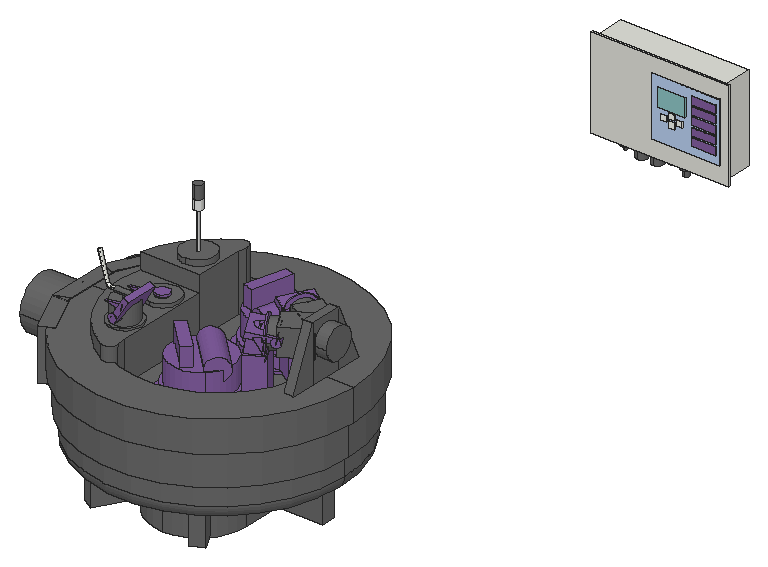
Revit family "28718_8_0", category Generic Models, Revit 2021
Family settings
  Can host rebar = No
  Round Connector Dimension = Use Diameter
  Part Type = Normal
  Work Plane-Based = No
  Always vertical = Yes
  Cut with Voids When Loaded = No
  Shared = Yes
  Room Calculation Point = No
Parameters (values of type "28718")
  SUPPLIER = "KESSEL"
  SA700ID48 = "No"
  SA700ID46 = "Yes"
  SA700ID37 = 10000 mm
  SA700ID34 = 11.5
  SA700ID33 = 1.2 W
  SA700ID32 = 34.00 kg
  SA700ID31 = 1
  SA700ID30 = 2
  SA700ID29 = "RWDR"
  SA700ID28 = "durchgehend"
  SA700ID21 = 1000
  SA700ID07 = "100"
  SA460ID03 = "direct"
  SA400ID03 = "e-motor for alternating current"
  SA350ID03 = "normal-priming"
  SA300ID03 = "single-level"
  SA260ID03 = "dry-rotor pump"
  SA250ID03 = "vertical"
  SA200ID03 = "6"
  PROCUREWEBLINK = "https://p.caden.as/kessel/28718"
  PROCURELINK = "p.caden.as/kessel/28718"
  PROCUREDATALASTUPDATE = "2024-05-22T12:18:03.371305634+01:00"
  PRC_SPECIFICATIONLINK = "https://ausschreiben.de/catalog/kessel/catalogItem/037ee36d-776c-4d81-a107-5927d4d05388"
  NN = "Lifting station Aqualift F Compact"
  NBSYN = "$SA810ID03._$IDNR._$L."
  NB = "28718_8_0"
  Model = "28718"
  Manufacturer = "KESSEL"
  MIdent = "{$CADENAS_DATA/23d-libs/kessel/new/hebeanlagen/aqualift_f_compact/aqualift_f__compact_asmtab.prj},198 {VTYP=3D},{STYP=ASSTAB},{NB=28718_8_0},{LINA=28718},{NN=Lifting station Aqualift F Compact},{DATE=21.12.2022 12:37:25},{GEOMDATE=21.11.2022 10:35:20},{VERSION=},{LINEID=90},{WBVAR=L},{WBNUMERIC=L}  {NB=28718_8_0},{LINA=28718},{KT=DUMMY},{PREVIEW=},{SA700ID04=Hebeanlage Aqualift F Compact, Duo, SPZ 1000, freie Aufstellung },{SA810ID06=4026092093412},{LMIN=0.000},{LMAX=0.000},{L=0.000},{SA700ID34=11.50},{SA810ID03=28718},{SA810ID10=Die Hebeanlage für fäkalienhaltiges und fäkalienfreies Abwasser ist mit einer überflutbaren Pumpe sowie einem Rückflussverhinderer ausgestattet. Der Sammelbehälter aus dauerhaft beständigem Kunststoff (PE) besitzt einen abgeschlossenen Pumpenraum. Einhandverschlüsse ermöglichen die einfache Entnahme der integrierten Komponenten.Die Steuerung erfolgt durch ein anwenderfreundliches Schaltgerät, das optional über einen potentialfreien Kontakt in die Gebäudeleittechnik eingebunden werden oder Alarm- und Sammelstörmeldungen über eine GSM-Schnittstelle ausgeben kann.Ausführung:Absperreinrichtung: ohne SchieberAnlagenart: DoppelanlagePumpensteuerung: SchaltgerätRückflussverhinderer: integriertSchalldämmmatte: jaAuslieferungszustand: vormontiert zur bauseitigen Endmontage (Pumpen und Sensorik sind bauseits zu montieren sowie Schaltgerät ist anzuschließen)Einbausituation: freie AufstellungAbwasserart: fäkalienhaltigAllgemeine Merkmale:Farbe: schwarzZulassung: Z-53.2-484Abmessungen:Länge: 670 mmBreite: 580 mmHöhe: 395 mmBehälter/Grundkörper:Zulauf Anzahl: 1 STZulauf Nennweite (DN): 100 mmZulauf Nennweite (DA): 110 mmAbstand Rohrsohle Zulauf zu Behälterboden: 152 mmAbstand Rohrmitte Auslauf zu Behälterboden: 395 mmAbstand Rohrmitte Zulauf zu Behälterboden: 207 mmBehältervolumen: 40 lDruckabgang: waagerechtDruckabgang (DA): 40 mmDruckabgang (DN): 32 mmEntlüftungsanschluss (DN): 70 mmNutzvolumen: 20 lAbdeckungsmerkmale:Abdeckungsart: -Fördereinrichtung:Pumpe: SPZ 1000Anzahl Pumpen: 2Förderhöhe max.: 10 mFörderleistung max.: 11,5 m3/hBetriebsart: S3 - 50 %Leistung P1: 1,2 kWLeistung P2: 0,69 kWDrehzahl: 2.800 U/minFörderguttemperatur (dauerhaft) max.: 40 °CAnschlusstyp: codierter SteckerGewicht: 10 kgLaufrad Typ: SchneidwerkLänge Netzanschlussleitung Pumpe: 5 mNennstrom: 5,2 ASchutzart Pumpe: IP 68 (3m/48h)Schutzklasse: ITyp Anschlussleitung Pumpe: H07RN-F 3G 1,0 mm2Temperaturüberwachung: integriertSteuerung:Schaltgerät: ComfortBetriebsspannung: 230 VNetzfrequenz: 50 HzSelbstdiagnosesystem (SDS): jaBatteriepufferung: jaMehrzeilige Displayanzeige: jaLogbuchfunktion: jaUSB-Schnittstelle: jaGSM-Schnittstelle: jaPotentialfreier Kontakt: optionalErforderliche Absicherung (Leitungsschutz): C 16 ASchutzart Schaltgerät: IP 54Länge Netzanschlussleitung Schaltgerät: 1,4 mArt Niveauerfassung: pneumatischInstrument Niveauerfassung: TauchrohrAlarmgeber: optische Sonde},{SA700ID37=10.00},{SA700ID33=1.20},{SA700ID08=230},{SA700ID30=2},{SA700ID32=34.00},{SA700ID49=1},{SA200ID03=6},{SA250ID03=vertikal},{SA260ID03=Trockenläuferpumpe},{SA350ID03=normalansaugend},{SA400ID03=E-Motor für Wechselstrom},{SA460ID03=direkt},{SA500ID03=Kunststoff},{SA700ID06=DN32, DA40},{SA700ID07=100},{SA700ID09=1/N/PE 230V },{SA700ID10=nein},{SA700ID11=50},{SA700ID12=IP 68},{SA700ID13=F},{SA700ID15=40},{SA700ID21=1000.00},{SA700ID22=0.69},{SA700ID23=2800},{SA700ID26=5},{SA700ID28=durchgehend},{SA700ID29=RWDR},{SA700ID31=1},{SA700ID46=Ja},{SA700ID48=Nein},{SA010ID04=KESSEL AG},{SA110ID04=Hebeanlage Aqualift F Compact},{SA300ID03=einstufig},{SA700ID44=10.00},{SA700ID45=10.00},{IDNR=8},{TOC=Type_3},{ORDERNO=ORDERNO},{CODE=1.000},{PPATH=aqualift_f_compact_asmtpl.prj},{LINK=https://www.kessel.de/info?han=28718},{LINK_=https://www.kessel.de/info?han=28718},{LINK_DEU=https://www.kessel.de/info?han=28718},{SA960ID03=7},{SA960ID04=3L},{SA960ID08=https://www.kessel.de/info?han=28718},{SA010ID01=010},{SA010ID02=4},{SA010ID06=www.kessel.de},{SA010ID08=4026092000007},{SA100ID01=100},{SA100ID02=4},{SA100ID04=Entwässerung},{SA100ID06=Hebeanlagen},{SA110ID01=110},{SA110ID02=200},{SA110ID05=Aqualift F Compact},{SA110ID06=Hebeanlage},{SA740ID01=740},{SA740ID02=1},{SA200ID01=200},{SA200ID02=6},{SA250ID01=250},{SA250ID02=2},{SA260ID01=260},{SA260ID02=2},{SA300ID01=300},{SA300ID02=1},{SA350ID01=350},{SA350ID02=1},{SA400ID01=400},{SA400ID02=1},{SA460ID01=460},{SA460ID02=1},{SA500ID01=500},{SA500ID02=3},{SA700ID01=700},{SA700ID02=7},{SA700ID16=0},{SA700ID25=0},{SA700ID46_=1},{SA700ID48_=0},{SA800ID01=800},{SA800ID02=1},{SA810ID01=810},{SA810ID02=7},{SA810ID04=28718},{SA810ID07=7},{SA810ID14=PCE},{SA810ID15=1},{SA810ID16=NMP}"
  LMIN = 0
  LMAX = 0
  LINK = "https://www.kessel.de/info?han=28718"
  LINA = "28718"
  L = 0
  Default Elevation = 0 mm
  CREATOR = "CADENAS GmbH"
  CATALOG = "KESSEL"
  BOMINFO = "LINA"
  ARTICLENO = "NB"
  4.810.00.7 Media- connection number = "7"
  4.810.00.6 GTIN number = "4026092093412"
  4.810.00.4 DATANORM number = "28718"
  4.810.00.3 Producer order number = "28718"
  4.710.03.6 Height = 395 mm
  4.710.03.5 Width = 580 mm
  4.710.03.4 Length = 670 mm
  4.710.03.3 Type of dimensions = "2"
  4.710.01.5 Load regulation = "1"
  4.710.01.4 Designation of closed-loop control = "20"
  4.710.01.3 Identifier for closed-loop control = "40"
  4.700.00.9 Voltage = 2475.6994
  4.700.00.8 Nominal connection size on suction side = "DN32, DA40"
  4.700.00.7 Nominal connection size on pressure side = "DN32, DA40"
  4.700.00.4 Product indentification = "Hebeanlage Aqualift F Compact, Duo, SPZ 1000, freie Aufstellung "
  4.700.00.27 Starting current = 5
  4.700.00.26 Maximum power consumption per pump / drive = 0
  4.700.00.24 Nominal speed / maximum speed n = 46.6667
  4.700.00.23 Nominal speed of motor = 7.4271
  4.700.00.17 Minimum temperature of pumped medium = 0 °C
  4.700.00.16 Maximum temperature of pumped medium = 40 °C
  4.700.00.14 Heat class = "F"
  4.700.00.13 Type of protection = "IP 68"
  4.700.00.12 Frequency = 50
  4.700.00.11 Stern-/Dreieck-Anlaufschaltung bei Dreiphasenanschluss oder Drehstrom = "nein"
  4.700.00.10 Phase = "1/N/PE 230V "
  4.500.00.3 Variant / Variant type / Accessories-name = "Kunststoff"
  4.110.00.6 Product classification = "Hebeanlage"
  4.110.00.5 Main groups of wares = "Aqualift F Compact"
  4.110.00.4 Product indentification = "Hebeanlage Aqualift F Compact"
  4.100.00.6 Product classification = "Hebeanlagen"
  4.100.00.4 Product indentification = "Entwässerung"
  4.010.00.8 Producer ID number = "4026092000007"
  4.010.00.6 Web address of the manufacturer = "www.kessel.de"
  4.010.00.4 Manufacturer name = "KESSEL AG"
  4.010.00.2 Sheet number of the guideline = "4"
Reference planes
  plane 1 "Center (Front/Back)": y = 0
  plane 2: z = 0
  plane 3 "Center (Left/Right)": x = 0
Dimensions and locks
  aligned and locked: level to plane 2
Nested families
  nested 1: "28718_8_0_content" at (0, 0, 0), type "28718_8_0_Content"
  nested 2: "28718_8_0__body_X0Y0" at (0, 0, 0), type "28718_X0Y0"
  nested 3: "type_3_3_X0Y0" at (1000, 0, 1000), type "Type_3_3_X0Y0"
Connectors
  piping at (-380, 0, 207), diameter 100
    settings: on nested 2, index 1, connector inside diameter 609.6 mm, connector length 0 mm, flow factor 0, pipe flow 0.0 L/s, pressure drop 0.0 Pa, fitting loss kfactor 0, connector angle 0.00°, fixture units 0, engagement length 0 mm, angle of deflection 0.00°, flow configuration 0, flow direction 1, fitting loss method 2, system type 29, joint type 0, gender type 0, connector reference index -1, connector utility 0, adjustable connector no, is connector primary yes, connector description ""
  piping at (257.7, 0, 351), diameter 32
    settings: on nested 2, index 2, connector inside diameter 609.6 mm, connector length 0 mm, flow factor 0, pipe flow 0.0 L/s, pressure drop 0.0 Pa, fitting loss kfactor 0, connector angle 0.00°, fixture units 0, engagement length 0 mm, angle of deflection 0.00°, flow configuration 0, flow direction 2, fitting loss method 2, system type 29, joint type 0, gender type 0, connector reference index -1, connector utility 0, adjustable connector no, is connector primary no, connector description ""
  electrical at (0, 0, 0)
    settings: on nested 2, index 3, voltage 0 V, apparent load 0 VA, apparent load phase1 0 VA, apparent load phase2 0 VA, apparent load phase3 0 VA, power factor 1, load classification "Other", number of poles 1, system type 31, power factor state 1, is connector primary yes, connector utility no, sub classification motor no, connector description ""
  electrical at (-280.925, 118.19, 222.5)
    settings: on nested 2, index 4, voltage 0 V, apparent load 0 VA, apparent load phase1 0 VA, apparent load phase2 0 VA, apparent load phase3 0 VA, power factor 1, load classification "Other", number of poles 1, system type 31, power factor state 1, is connector primary no, connector utility no, sub classification motor no, connector description ""
  electrical at (-123, 100, 352.5)
    settings: on nested 2, index 5, voltage 0 V, apparent load 0 VA, apparent load phase1 0 VA, apparent load phase2 0 VA, apparent load phase3 0 VA, power factor 1, load classification "Other", number of poles 1, system type 31, power factor state 1, is connector primary no, connector utility no, sub classification motor no, connector description ""
  electrical at (-120, -100, 349.5)
    settings: on nested 2, index 6, voltage 0 V, apparent load 0 VA, apparent load phase1 0 VA, apparent load phase2 0 VA, apparent load phase3 0 VA, power factor 1, load classification "Other", number of poles 1, system type 31, power factor state 1, is connector primary no, connector utility no, sub classification motor no, connector description ""
  electrical at (896, -27.5, 960.5)
    settings: on nested 3, index 7, voltage 230 V, apparent load 0 VA, apparent load phase1 0 VA, apparent load phase2 0 VA, apparent load phase3 0 VA, power factor 1, load classification "Other", number of poles 3, system type 31, power factor state 1, is connector primary no, connector utility no, sub classification motor no, connector description ""
Definition of nested family "28718_8_0__body_X0Y0"
  Parameters (values of type "28718_X0Y0")
    TOC = "Type_3"
    SUPPLIER = "KESSEL"
    SA810ID03 = "28718"
    NN = "aqualift_f_compact_body__body"
    NBSYN = "$SA810ID03._$IDNR._$L.__body"
    NB = "28718_8_0__body"
    Model = "28718"
    Manufacturer = "KESSEL"
    MIdent = "{$CADENAS_DATA/23d-libs/kessel/new/hebeanlagen/aqualift_f_compact/aqualift_f_compact_body.prj},185 {VTYP=3D},{NB=28718_8_0__body},{LINA=28718},{NN=aqualift_f_compact_body__body},{DATE=10.11.2022 10:34:08},{GEOMDATE=10.11.2022 10:34:08},{VERSION=},{LINEID=90},{WBVAR=L},{WBNUMERIC=L}  {NB=28718_8_0__body},{LINA=28718},{KT=DUMMY},{LMIN=0},{LMAX=0},{L=0},{SA810ID03=28718},{IDNR=8},{TOC=Type_3},{DNIN=100},{DNOUT=32},{ISD=60},{ISD2=20}"
    LMIN = 0
    LMAX = 0
    LINA = "28718"
    L = 0
    ISD2 = 20
    ISD = 60
    IDNR = 8
    Default Elevation = 1219.2 mm
    DNOUT = 32
    DNIN = 100
    CREATOR = "CADENAS GmbH"
    CATALOG = "KESSEL"
    BOMINFO = "LINA"
    ARTICLENO = "NB"
  Reference planes
    plane 1 "Center (Front/Back)": y = 0
    plane 2: z = 0
    plane 3 "Center (Left/Right)": x = 0
  Dimensions and locks
    aligned and locked: level to plane 2
  Nested families
    nested 1: "28718_8_0__body_content" at (0, 0, 0), type "28718_8_0__body_Content"
  Definition of nested family "28718_8_0__body_content"
    Parameters (values of type "28718_8_0__body_Content")
      TOC = "Type_3"
      SUPPLIER = "KESSEL"
      SA810ID03 = "28718"
      NN = "aqualift_f_compact_body__body"
      NBSYN = "$SA810ID03._$IDNR._$L.__body"
      NB = "28718_8_0__body"
      Model = "28718"
      Manufacturer = "KESSEL"
      LMIN = 0
      LMAX = 0
      LINA = "28718"
      L = 0
      ISD2 = 20
      ISD = 60
      IDNR = 8
      Default Elevation = 1219.2 mm
      DNOUT = 32
      DNIN = 100
      CREATOR = "CADENAS GmbH"
      CATALOG = "KESSEL"
      BOMINFO = "LINA"
      ARTICLENO = "NB"
    Reference planes
      plane 1 "Center (Front/Back)": y = 0
      plane 2: z = 0
      plane 3 "Center (Left/Right)": x = 0
    Forms (mm)
      Extrusion 1, solid, detail levels medium+fine
        sketch origin (40, 100, 0) x (0, 1, 0) y (-1, 0, 0)
          loop
            circle (0, 0) r 99
        from 0 to 66.7
      Extrusion 2, solid, detail levels medium+fine
        sketch origin (40, 100, 0) x (0, 1, 0) y (-1, 0, 0)
          loop
            circle (0, -20) r 1.5
        from 0 to 300
      Extrusion 3, solid, detail levels medium+fine
        sketch origin (40, 0, 0) x (0, 1, 0) y (-1, 0, 0)
          loop
            circle (0, 0) r 80
        from 0 to 66.7
      Extrusion 4, solid, detail levels medium+fine
        sketch origin (139, 100, 0) x (0, -1, 0) y (0, 0, 1)
          loop
            line (0, 66.7) -> (0, 0) -> (200, 0) -> (200, 66.7) -> (0, 66.7)
        from 0 to 198
      Extrusion 5, solid, detail levels medium+fine
        sketch origin (-104.635, -211.232, 0) x (-0.866025, 0.5, 0) y (0, 0, 1)
          loop
            line (0, 66.7) -> (0, 0) -> (30, 0) -> (30, 66.7) -> (0, 66.7)
        from 0 to 470.5
      Extrusion 6, solid, detail levels medium+fine
        sketch origin (-235.25, -15, 0) x (0, 1, 0) y (0, 0, 1)
          loop
            line (0, 66.7) -> (0, 0) -> (30, 0) -> (30, 66.7) -> (0, 66.7)
        from 0 to 470.5
      Extrusion 7, solid, detail levels medium+fine
        sketch origin (130.615, -196.232, 0) x (-0.866025, -0.5, 0) y (0, 0, 1)
          loop
            line (0, 66.7) -> (0, 0) -> (30, 0) -> (30, 66.7) -> (0, 66.7)
        from 0 to 470.5
      Extrusion 8, solid, detail levels medium+fine
        sketch origin (40, -100, 0) x (0, 1, 0) y (-1, 0, 0)
          loop
            circle (0, 0) r 99
        from 0 to 66.7
      Revolve 9, solid, detail levels medium+fine
        sketch origin (0, 0, 0) x (1, 0, 0) y (0, 0, -1)
          loop
            line (0, -66) -> (0, -10) -> (-70.13, -10) -> (-249.445, -69.479)
            arc (-249.445, -69.479) -> (-264.324, -80.394) -> (-270, -97.953) r 30
            line (-270, -97.953) -> (-270, -137.002) -> (-280, -139.678) -> (-280, -207.002) -> (-290, -209.678) -> (-290, -277) -> (-200, -277) -> (-200, -66) -> (0, -66)
          axis (0, -10) -> (0, -277)
        angle from -360 to 0
      Extrusion 10, solid, detail levels medium+fine
        sketch origin (40, -100, 0) x (0, 1, 0) y (-1, 0, 0)
          loop
            circle (20, 0) r 1.5
        from 0 to 300
      Extrusion 11, solid, detail levels medium+fine
        sketch origin (0, 0, 66.7) x (0, 1, 0) y (-1, 0, 0)
          loop
            circle (0, 0) r 204
        from 0 to 153.2
      Extrusion 12, solid, detail levels medium+fine
        sketch origin (-35.722, -11.044, 219.8) x (0.707107, -0.707107, 0) y (0, 0, 1)
          loop
            line (0, 16) -> (0, 0) -> (25, 0) -> (25, 16) -> (0, 16)
        from 0 to 36
      Extrusion 13, solid, detail levels medium+fine
        sketch origin (-11.044, 35.722, 219.8) x (-0.707107, -0.707107, 0) y (0, 0, 1)
          loop
            line (0, 16) -> (0, 0) -> (25, 0) -> (25, 16) -> (0, 16)
        from 0 to 36
      Extrusion 14, solid, detail levels medium+fine
        sketch origin (47.573, 105.582, 219.79) x (0.258819, 0.965926, 0) y (-0.965926, 0.258819, 0)
          loop
            circle (0, 0) r 86
        from 0 to 3.2
      Extrusion 15, solid, detail levels medium+fine
        sketch origin (47.573, 105.582, 223) x (0.258819, 0.965926, 0) y (-0.965926, 0.258819, 0)
          loop
            circle (0, 0) r 73
        from 0 to 22.5
      Extrusion 16, solid, detail levels medium+fine
        sketch origin (47.573, 105.582, 245.5) x (0.258819, 0.965926, 0) y (-0.965926, 0.258819, 0)
          loop
            circle (0, 0) r 65
        from 0 to 53
      Extrusion 17, solid, detail levels medium+fine
        sketch origin (51.88, 44.382, 298.5) x (-0.965926, 0.258819, 0) y (0, 0, 1)
          loop
            circle (0, 0) r 24
        from 0 to 108
      Extrusion 18, solid, detail levels medium+fine
        sketch origin (39.514, 152.776, 298.5) x (-0.258819, -0.965926, 0) y (0, 0, 1)
          loop
            line (0, 41) -> (0, 0) -> (87, 0) -> (87, 41) -> (0, 41)
        from 0 to 22
      Extrusion 19, solid, detail levels medium+fine
        sketch origin (159, 65.5, 219.8) x (-0.5, -0.866025, 0) y (0, 0, 1)
          loop
            line (0, 99.5) -> (0, 0) -> (50, 0) -> (50, 99.5) -> (0, 99.5)
        from 0 to 45
      Extrusion 20, solid, detail levels medium+fine
        sketch origin (151.2, 63.6, 305.9) x (-0.500011, -0.866019, 0) y (0.150009, -0.08661, 0.984884)
          loop
            line (0, 45) -> (0, 0) -> (39, 0) -> (39, 45) -> (0, 45)
        from 0 to 39
      Revolve 21, solid, detail levels medium+fine
        sketch origin (131.2, 52.5, 351) x (0.500011, 0.866019, 0) y (0, 0, 1)
          loop
            line (0, 19.4) -> (0, -19.4)
            arc (0, -19.4) -> (19.4, 0) -> (0, 19.4) r 19.4
          axis (0, -19.4) -> (0, 19.4)
        angle from 0 to 180
      Extrusion 22, solid, detail levels medium+fine
        sketch origin (131.2, 52.5, 351) x (0.500011, 0.866019, 0) y (0, 0, 1)
          loop
            circle (0, 0) r 19
        from 0 to 15
      Extrusion 23, solid, detail levels medium+fine
        sketch origin (141, 47, 351) x (0.500011, 0.866019, 0) y (0, 0, 1)
          loop
            circle (0, 0) r 35
        from 0 to 3.2
      Extrusion 24, solid, detail levels medium+fine
        sketch origin (177.8, 65.5, 359.8) x (-0.500011, -0.866019, 0) y (-0.852862, 0.492415, 0.173648)
          loop
            line (0, 55) -> (0, 0) -> (69, 0) -> (69, 55) -> (0, 55)
        from 0 to 12
      Extrusion 25, solid, detail levels medium+fine
        sketch origin (143.6, 45.5, 351) x (0.500011, 0.866019, 0) y (0, 0, 1)
          loop
            circle (0, 0) r 28
        from 0 to 18
      Extrusion 26, solid, detail levels medium+fine
        sketch origin (176.5, 66.3, 351) x (-0.296198, 0.17101, 0.939693) y (-0.813798, 0.469847, -0.34202)
          loop
            circle (0, 0) r 9
        from 0 to 69.2
      Extrusion 27, solid, detail levels medium+fine
        sketch origin (229.822, 28.682, 322.5) x (-0.5, -0.866025, 0) y (0, 0, 1)
          loop
            line (0, 57) -> (0, 0) -> (57, 0) -> (57, 57) -> (0, 57)
        from 0 to 65
      Extrusion 28, solid, detail levels medium+fine
        sketch origin (120.7, 18.9, 360.1) x (0.075479, -0.043578, -0.996195) y (-0.86273, 0.498098, -0.087156)
          loop
            line (0, 15) -> (0, 0) -> (35, 0) -> (0, 15)
        from 0 to 6.5
      Extrusion 29, solid, detail levels medium+fine
        sketch origin (151.9, 73.1, 360.1) x (0.075479, -0.043578, -0.996195) y (-0.86273, 0.498098, -0.087156)
          loop
            line (0, 15) -> (0, 0) -> (35, 0) -> (0, 15)
        from 0 to 6.5
      Extrusion 30, solid, detail levels medium+fine
        sketch origin (201.322, 20.682, 322.5) x (0.5, -0.866025, 0) y (0, 0, 1)
          loop
            line (0, 57) -> (0, 0) -> (57, 0) -> (57, 57) -> (0, 57)
        from 0 to 65
      Extrusion 31, solid, detail levels medium+fine
        sketch origin (142.03, -6.622, 351) x (-0.296198, -0.17101, 0.939693) y (-0.813798, -0.469847, -0.34202)
          loop
            circle (0, 0) r 9
        from 0 to 69.2
      Extrusion 32, solid, detail levels medium+fine
        sketch origin (143.692, -45.5, 351) x (-0.5, 0.866025, 0) y (0, 0, 1)
          loop
            circle (0, 0) r 28
        from 0 to 18
      Extrusion 33, solid, detail levels medium+fine
        sketch origin (141.1, -47, 351) x (-0.5, 0.866025, 0) y (0, 0, 1)
          loop
            circle (0, 0) r 35
        from 0 to 3
      Extrusion 34, solid, detail levels medium+fine
        sketch origin (131.394, -52.6, 351) x (-0.5, 0.866025, 0) y (0, 0, 1)
          loop
            circle (0, 0) r 19.5
        from 0 to 14.2
      Revolve 35, solid, detail levels medium+fine
        sketch origin (131.394, -52.6, 351) x (-0.5, 0.866025, 0) y (0, 0, 1)
          loop
            line (0, 19.5) -> (0, -19.5)
            arc (0, -19.5) -> (19.5, 0) -> (0, 19.5) r 19.5
          axis (0, -19.5) -> (0, 19.5)
        angle from -360 to 0
      Extrusion 36, solid, detail levels medium+fine
        sketch origin (143.384, -5.841, 359.863) x (0.5, -0.866025, 0) y (-0.852868, -0.492404, 0.173648)
          loop
            line (0, 55) -> (0, 0) -> (69, 0) -> (69, 55) -> (0, 55)
        from 0 to 12
      Extrusion 37, solid, detail levels medium+fine
        sketch origin (131.7, -29.8, 305.9) x (0.5, -0.866025, 0) y (0.150383, 0.086824, 0.984808)
          loop
            line (0, 45) -> (0, 0) -> (39, 0) -> (39, 45) -> (0, 45)
        from 0 to 39
      Extrusion 38, solid, detail levels medium+fine
        sketch origin (155.219, -78.682, 360.134) x (0.075479, 0.043578, -0.996195) y (-0.86273, -0.498098, -0.087156)
          loop
            line (0, 15) -> (0, 0) -> (35, 0) -> (0, 15)
        from 0 to 6.5
      Extrusion 39, solid, detail levels medium+fine
        sketch origin (123.968, -24.6, 360.134) x (0.075479, 0.043578, -0.996195) y (-0.86273, -0.498098, -0.087156)
          loop
            line (0, 15) -> (0, 0) -> (35, 0) -> (0, 15)
        from 0 to 6.5
      Extrusion 40, solid, detail levels medium+fine
        sketch origin (230.5, 35, 262) x (0, -1, 0) y (0, 0, 1)
          loop
            line (0, 133.3) -> (0, 0) -> (70, 0) -> (70, 133.3) -> (0, 133.3)
        from 0 to 20
      Extrusion 41, solid, detail levels medium+fine
        sketch origin (230.5, 0, 351) x (0, 1, 0) y (0, 0, 1)
          loop
            circle (0, 0) r 32.5
        from 0 to 27.2
      Extrusion 42, solid, detail levels medium+fine
        sketch origin (210.5, 35, 262) x (0, 1, 0) y (0, 0, 1)
          loop
            line (0, 133.3) -> (0, 0) -> (58, 0) -> (0, 133.3)
        from 0 to 20
      Extrusion 43, solid, detail levels medium+fine
        sketch origin (230.5, -35, 262) x (0, -1, 0) y (0, 0, 1)
          loop
            line (0, 133.3) -> (0, 0) -> (58, 0) -> (0, 133.3)
        from 0 to 20
      Extrusion 44, solid, detail levels medium+fine
        sketch origin (134.05, -22.199, 219.8) x (0.5, -0.866025, 0) y (0, 0, 1)
          loop
            line (0, 99.5) -> (0, 0) -> (50, 0) -> (50, 99.5) -> (0, 99.5)
        from 0 to 45
      Extrusion 45, solid, detail levels medium+fine
        sketch origin (159.278, -80.794, 219.8) x (0.707107, -0.707107, 0) y (0, 0, 1)
          loop
            line (0, 16) -> (0, 0) -> (25, 0) -> (25, 16) -> (0, 16)
        from 0 to 36
      Extrusion 46, solid, detail levels medium+fine
        sketch origin (176.956, 98.472, 219.8) x (-0.707107, -0.707107, 0) y (0, 0, 1)
          loop
            line (0, 16) -> (0, 0) -> (25, 0) -> (25, 16) -> (0, 16)
        from 0 to 36
      Extrusion 47, solid, detail levels medium+fine
        sketch origin (98.754, -125.57, 298.5) x (-0.707107, -0.707107, 0) y (0, 0, 1)
          loop
            circle (0, 0) r 24
        from 0 to 108
      Extrusion 48, solid, detail levels medium+fine
        sketch origin (43.6, -98.7, 245.5) x (-0.707107, 0.707107, 0) y (-0.707107, -0.707107, 0)
          loop
            circle (0, 0) r 65
        from 0 to 53
      Extrusion 49, solid, detail levels medium+fine
        sketch origin (43.6, -98.7, 223) x (-0.707107, 0.707107, 0) y (-0.707107, -0.707107, 0)
          loop
            circle (0, 0) r 73
        from 0 to 22.5
      Extrusion 50, solid, detail levels medium+fine
        sketch origin (43.6, -98.7, 219.7) x (-0.707107, 0.707107, 0) y (-0.707107, -0.707107, 0)
          loop
            circle (0, 0) r 86
        from 0 to 3.3
      Extrusion 51, solid, detail levels medium+fine
        sketch origin (-1.301, -82.083, 298.5) x (0.707107, -0.707107, 0) y (0, 0, 1)
          loop
            line (0, 41) -> (0, 0) -> (87, 0) -> (87, 41) -> (0, 41)
        from 0 to 22
      Extrusion 52, solid, detail levels medium+fine
        sketch origin (-27.722, 189.956, 219.8) x (0.707107, -0.707107, 0) y (0, 0, 1)
          loop
            line (0, 16) -> (0, 0) -> (25, 0) -> (25, 16) -> (0, 16)
        from 0 to 36
      Extrusion 53, solid, detail levels medium+fine
        sketch origin (-10.044, -172.278, 219.8) x (-0.707107, -0.707107, 0) y (0, 0, 1)
          loop
            line (0, 16) -> (0, 0) -> (25, 0) -> (25, 16) -> (0, 16)
        from 0 to 36
      Extrusion 54, solid, detail levels medium+fine
        sketch origin (0, 0, 219.7) x (1, 0, 0) y (0, 1, 0)
          loop
            arc (-207.86, 50.87) -> (-195.307, -87.471) -> (-100.46, -188.96) r 213.998
            arc (-100.46, -188.96) -> (-83.736, -187.911) -> (-77.12, -172.512) r 16.001
            line (-77.12, -172.512) -> (-80.05, -152.5) -> (-80.05, 50.87) -> (-207.86, 50.87)
        from 0 to 86.5
      Extrusion 55, solid, detail levels medium+fine
        sketch origin (-120, -100, 306) x (0, 1, 0) y (-1, 0, 0)
          loop
            circle (0, 0) r 35
        from 0 to 3.5
      Extrusion 56, solid, detail levels medium+fine
        sketch origin (-120, -100, 309.5) x (0, 1, 0) y (-1, 0, 0)
          loop
            circle (0, 0) r 28
        from 0 to 40
      Extrusion 57, solid, detail levels medium+fine
        sketch origin (-120, -65.2, 324.5) x (1, 0, 0) y (0, 0, 1)
          loop
            circle (0, 0) r 9
        from 0 to 69.5
      Extrusion 58, solid, detail levels medium+fine
        sketch origin (-104, -94.2, 342.5) x (0, -1, 0) y (0, 0, 1)
          loop
            line (0, 17.4) -> (0, 0) -> (11.6, 0) -> (11.6, 17.4) -> (0, 17.4)
        from 0 to 16
      Extrusion 59, solid, detail levels medium+fine
        sketch origin (-112.3, -65.5, 320) x (0, -1, 0) y (0.500011, 0, 0.866019)
          loop
            line (0, 55) -> (0, 0) -> (69, 0) -> (69, 55) -> (0, 55)
        from 0 to 12
      Extrusion 60, solid, detail levels medium+fine
        sketch origin (-104, -100, 359.9) x (0, 1, 0) y (0, 0, -1)
          loop
            circle (0, 0) r 5.8
        from 0 to 34.9
      Extrusion 61, solid, detail levels medium+fine
        sketch origin (-138.8, -100, 359.9) x (0, 1, 0) y (0, 0, -1)
          loop
            circle (0, 0) r 3
        from 0 to 10
      Extrusion 62, solid, detail levels medium+fine
        sketch origin (-103, -134.2, 344.5) x (-0.965926, 0, 0.258819) y (0.258819, 0, 0.965926)
          loop
            line (0, 15) -> (0, 0) -> (35, 0) -> (0, 15)
        from 0 to 6.5
      Extrusion 63, solid, detail levels medium+fine
        sketch origin (-103, -71.8, 344.5) x (-0.965926, 0, 0.258819) y (0.258819, 0, 0.965926)
          loop
            line (0, 15) -> (0, 0) -> (35, 0) -> (0, 15)
        from 0 to 6.5
      Extrusion 64, solid, detail levels medium+fine
        sketch origin (-120, 0, 306) x (0, 1, 0) y (-1, 0, 0)
          loop
            circle (0, 0) r 35
        from 0 to 7
      Extrusion 65, solid, detail levels medium+fine
        sketch origin (-120, 0, 313) x (0, 1, 0) y (-1, 0, 0)
          loop
            circle (0, 0) r 14
        from 0 to 2
      Extrusion 66, solid, detail levels medium+fine
        sketch origin (-120, 0, 315) x (0, 1, 0) y (-1, 0, 0)
          loop
            circle (0, 0) r 14.7
        from 0 to 3
      Extrusion 67, solid, detail levels medium+fine
        sketch origin (-272.811, -55.821, 168) x (0.422618, -0.906308, 0) y (0, 0, 1)
          loop
            line (0, 109) -> (0, 0) -> (107, 0) -> (107, 109) -> (0, 109)
        from 0 to 30.2
      Extrusion 68, solid, detail levels medium+fine
        sketch origin (-270, 68.5, 168) x (0, -1, 0) y (0, 0, 1)
          loop
            line (0, 109) -> (0, 0) -> (137, 0) -> (137, 109) -> (0, 109)
        from 0 to 30
      Extrusion 69, solid, detail levels medium+fine
        sketch origin (-250, 0, 203.7) x (0, -1, 0) y (0, 0, 1)
          loop
            circle (0, 0) r 70
        from 0 to 50
      Extrusion 70, solid, detail levels medium+fine
        sketch origin (-300, 0, 207) x (0, -1, 0) y (0, 0, 1)
          loop
            circle (0, 0) r 56.25
        from 0 to 80
      Extrusion 71, solid, detail levels medium+fine
        sketch origin (-227.5, 152.7, 168) x (-0.422618, -0.906308, 0) y (0, 0, 1)
          loop
            line (0, 109) -> (0, 0) -> (107, 0) -> (107, 109) -> (0, 109)
        from 0 to 30
      Extrusion 72, solid, detail levels medium+fine
        sketch origin (-277.3, 116.5, 222.5) x (-0.422618, -0.906308, 0) y (0, 0, 1)
          loop
            circle (0, 0) r 55
        from 0 to 4
      Extrusion 73, solid, detail levels medium+fine
        sketch origin (0, 0, 219.7) x (1, 0, 0) y (0, 1, 0)
          loop
            line (-207.86, 50.87) -> (-80.05, 50.87) -> (-80.05, 152.5) -> (-77.12, 172.512)
            arc (-77.12, 172.512) -> (-83.736, 187.911) -> (-100.464, 188.958) r 16.001
            arc (-100.464, 188.958) -> (-168.915, 131.391) -> (-207.86, 50.87) r 213.995
        from 0 to 120.8
      Extrusion 74, solid, detail levels medium+fine
        sketch origin (-123, 100, 340.5) x (0, 1, 0) y (-1, 0, 0)
          loop
            circle (0, 0) r 35
        from 0 to 12
      Extrusion 75, solid, detail levels medium+fine
        sketch origin (-123, 100, 352.5) x (0, 1, 0) y (-1, 0, 0)
          loop
            circle (0, 0) r 2.85
        from 0 to 80.5
      Extrusion 76, solid, detail levels medium+fine
        sketch origin (-123, 100, 433) x (0, 1, 0) y (-1, 0, 0)
          loop
            circle (0, 0) r 9
        from 0 to 21
      Extrusion 77, solid, detail levels medium+fine
        sketch origin (-123, 100, 454) x (0, 1, 0) y (-1, 0, 0)
          loop
            circle (0, 0) r 9.5
        from 0 to 26.5
      Revolve 78, solid, detail levels medium+fine
        sketch origin (-148.8, -100, 359.9) x (0, 1, 0) y (0, 0, -1)
          loop
            circle (0, 0) r 3
          axis (3, -10) -> (-3, -10)
        angle from -75 to 0
      Extrusion 79, solid, detail levels medium+fine
        sketch origin (-158.459, -100, 367.312) x (0, 1, 0) y (-0.965926, 0, -0.258819)
          loop
            circle (0, 0) r 3
        from 0 to 60
      Extrusion 80, solid, detail levels coarse
        sketch origin (-45, 0, 0) x (1, 0, 0) y (0, 1, 0)
          loop
            line (-335, -290) -> (335, -290) -> (335, 290) -> (-335, 290) -> (-335, -290)
        from 0 to 480.5
    Dimensions and locks
      aligned and locked: level to plane 2
Definition of nested family "type_3_3_X0Y0"
  Parameters (values of type "Type_3_3_X0Y0")
    TOC = "Type_3"
    SUPPLIER = "KESSEL"
    NN = "Controller"
    NBSYN = "$TOC._$IDNR."
    NB = "Type_3_3"
    Model = "Type_3_3"
    Manufacturer = "KESSEL"
    MIdent = "{$CADENAS_DATA/23d-libs/kessel/new/controllers/controllers.prj},160 {VTYP=3D},{NB=Type_3_3},{LINA=Type_3_3},{NN=Controller},{DATE=09.11.2022 09:38:12},{GEOMDATE=30.10.2022 06:14:50},{VERSION=},{LINEID=40},{WBVAR=},{WBNUMERIC=}  {NB=Type_3_3},{LINA=Type_3_3},{KT=DUMMY},{PREVIEW=},{TOC=Type_3},{IDNR=3},{SA810ID03=MIN}"
    LINA = "Type_3_3"
    Default Elevation = 1219.2 mm
    CREATOR = "CADENAS GmbH"
    CATALOG = "KESSEL"
    BOMINFO = "LINA"
    ARTICLENO = "NB"
  Reference planes
    plane 1 "Center (Front/Back)": y = 0
    plane 2: z = 0
    plane 3 "Center (Left/Right)": x = 0
  Dimensions and locks
    aligned and locked: level to plane 2
  Nested families
    nested 1: "type_3_3_content" at (0, 0, 0), type "Type_3_3_Content"
  Definition of nested family "type_3_3_content"
    Parameters (values of type "Type_3_3_Content")
      TOC = "Type_3"
      SUPPLIER = "KESSEL"
      NN = "Controller"
      NBSYN = "$TOC._$IDNR."
      NB = "Type_3_3"
      Model = "Type_3_3"
      Manufacturer = "KESSEL"
      LINA = "Type_3_3"
      Default Elevation = 1219.2 mm
      CREATOR = "CADENAS GmbH"
      CATALOG = "KESSEL"
      BOMINFO = "LINA"
      ARTICLENO = "NB"
    Reference planes
      plane 1 "Center (Front/Back)": y = 0
      plane 2: z = 0
      plane 3 "Center (Left/Right)": x = 0
    Forms (mm)
      Extrusion 1, solid, detail levels medium+fine
        sketch origin (49.8, -68, 72.2) x (0, -1, 0) y (0, 0, 1)
          loop
            line (-0.5, 12) -> (-0.5, 0) -> (1, 0) -> (1, 12) -> (-0.5, 12)
        from 0 to 12
      Extrusion 2, solid, detail levels medium+fine
        sketch origin (129.3, -67, 28.2) x (0, -1, 0) y (0, 0, 1)
          loop
            line (-0.5, 127) -> (-0.5, 0) -> (1, 0) -> (1, 127) -> (-0.5, 127)
        from 0 to 146
      Extrusion 3, solid, detail levels medium+fine
        sketch origin (33.3, -68, 80.45) x (0, -1, 0) y (0, 0, 1)
          loop
            line (-0.5, 12) -> (-0.5, 0) -> (1, 0) -> (1, 12) -> (-0.5, 12)
        from 0 to 12
      Extrusion 4, solid, detail levels medium+fine
        sketch origin (33.3, -68, 63.95) x (0, -1, 0) y (0, 0, 1)
          loop
            line (-1, 12) -> (-1, 0) -> (1, 0) -> (1, 12) -> (-1, 12)
        from 0 to 12
      Extrusion 5, solid, detail levels medium+fine
        sketch origin (56.3, -68, 95.45) x (0, -1, 0) y (0, 0, 1)
          loop
            line (-0.5, 37) -> (-0.5, 0) -> (1, 0) -> (1, 37) -> (-0.5, 37)
        from 0 to 60
      Extrusion 6, solid, detail levels medium+fine
        sketch origin (121.8, -68, 85.7) x (0, -1, 0) y (0, 0, 1)
          loop
            line (0, 16) -> (0, 0) -> (2, 0) -> (2, 16) -> (0, 16)
        from 0 to 51
      Extrusion 7, solid, detail levels medium+fine
        sketch origin (121.8, -68, 65.7) x (0, -1, 0) y (0, 0, 1)
          loop
            line (0, 16) -> (0, 0) -> (2, 0) -> (2, 16) -> (0, 16)
        from 0 to 51
      Extrusion 8, solid, detail levels medium+fine
        sketch origin (121.8, -68, 105.7) x (0, -1, 0) y (0, 0, 1)
          loop
            line (0, 16) -> (0, 0) -> (2, 0) -> (2, 16) -> (0, 16)
        from 0 to 51
      Extrusion 9, solid, detail levels medium+fine
        sketch origin (16.8, -68, 72.2) x (0, -1, 0) y (0, 0, 1)
          loop
            line (-0.5, 12) -> (-0.5, 0) -> (1, 0) -> (1, 12) -> (-0.5, 12)
        from 0 to 12
      Extrusion 10, solid, detail levels medium+fine
        sketch origin (121.8, -68, 45.7) x (0, -1, 0) y (0, 0, 1)
          loop
            line (0, 16) -> (0, 0) -> (2, 0) -> (2, 16) -> (0, 16)
        from 0 to 51
      Extrusion 11, solid, detail levels medium+fine
        sketch origin (147, -63.5, -7) x (0, -1, 0) y (0, 0, 1)
          loop
            line (0, 194) -> (0, 0) -> (3.5, 0) -> (3.5, 194) -> (0, 194)
        from 0 to 294
      Extrusion 12, solid, detail levels medium+fine
        sketch origin (136.25, 0, 0) x (0, -1, 0) y (0, 0, 1)
          loop
            line (0, 184) -> (0, 0) -> (63.5, 0) -> (63.5, 184) -> (0, 184)
        from 0 to 272.5
      Extrusion 13, solid, detail levels medium+fine
        sketch origin (121.75, -68, 125.75) x (0, -1, 0) y (0, 0, 1)
          loop
            line (0, 16) -> (0, 0) -> (2, 0) -> (2, 16) -> (0, 16)
        from 0 to 51
      Extrusion 14, solid, detail levels medium+fine
        sketch origin (26, -27.5, 0) x (1, 0, 0) y (0, -1, 0)
          loop
            circle (0, 0) r 11
        from 0 to 11
      Extrusion 15, solid, detail levels medium+fine
        sketch origin (26, -27.5, -11) x (1, 0, 0) y (0, -1, 0)
          loop
            circle (0, 0) r 11
        from 0 to 19.8
      Extrusion 16, solid, detail levels medium+fine
        sketch origin (26, -27.5, -29.8) x (1, 0, 0) y (0, -1, 0)
          loop
            circle (0, 0) r 6
        from 0 to 14.75
      Extrusion 17, solid, detail levels medium+fine
        sketch origin (-2, -27.5, 0) x (1, 0, 0) y (0, -1, 0)
          loop
            circle (0, 0) r 11
        from 0 to 20
      Extrusion 18, solid, detail levels medium+fine
        sketch origin (-2, -27.5, -20) x (1, 0, 0) y (0, -1, 0)
          loop
            circle (0, 0) r 8.65
        from 0 to 9.8
      Extrusion 19, solid, detail levels medium+fine
        sketch origin (-36, -27.5, 0) x (1, 0, 0) y (0, -1, 0)
          loop
            circle (0, 0) r 12
        from 0 to 15
      Extrusion 20, solid, detail levels medium+fine
        sketch origin (-36, -27.5, -15) x (1, 0, 0) y (0, -1, 0)
          loop
            circle (0, 0) r 11.75
        from 0 to 27.1
      Extrusion 21, void, detail levels medium+fine
        sketch origin (54, -27.5, 2) x (1, 0, 0) y (0, -1, 0)
          loop
            circle (0, 0) r 8.1
        from 0 to 2.8
      Extrusion 22, solid, detail levels medium+fine
        sketch origin (-70, -27.5, 0) x (1, 0, 0) y (0, -1, 0)
          loop
            circle (0, 0) r 12
        from 0 to 15
      Extrusion 23, solid, detail levels medium+fine
        sketch origin (-70, -27.5, -15) x (1, 0, 0) y (0, -1, 0)
          loop
            circle (0, 0) r 11.75
        from 0 to 27.1
      Extrusion 24, void, detail levels medium+fine
        sketch origin (82, -27.5, 2) x (1, 0, 0) y (0, -1, 0)
          loop
            circle (0, 0) r 8.1
        from 0 to 2.8
      Extrusion 25, solid, detail levels medium+fine
        sketch origin (-104, -27.5, 0) x (1, 0, 0) y (0, -1, 0)
          loop
            circle (0, 0) r 10
        from 0 to 9
      Extrusion 26, solid, detail levels medium+fine
        sketch origin (-104, -27.5, -9) x (1, 0, 0) y (0, -1, 0)
          loop
            circle (0, 0) r 11
        from 0 to 20.5
      Extrusion 27, solid, detail levels medium+fine
        sketch origin (-104, -27.5, -29.5) x (1, 0, 0) y (0, -1, 0)
          loop
            circle (0, 0) r 3
        from 0 to 10
      Extrusion 28, void, detail levels medium+fine
        sketch origin (110, -27.5, 1.2) x (1, 0, 0) y (0, -1, 0)
          loop
            circle (0, 0) r 11.4
        from 0 to 2.8
      Extrusion 29, solid, detail levels coarse
        sketch origin (0, -35, -44.55) x (1, 0, 0) y (0, 1, 0)
          loop
            line (-147, -35) -> (147, -35) -> (147, 35) -> (-147, 35) -> (-147, -35)
        from 0 to 231.55
    Cuts and joins
      Extrusion 21, Extrusion 24, Extrusion 28 cuts Extrusion 1
      Extrusion 21, Extrusion 24, Extrusion 28 cuts Extrusion 2
      Extrusion 21, Extrusion 24, Extrusion 28 cuts Extrusion 3
      Extrusion 21, Extrusion 24, Extrusion 28 cuts Extrusion 4
      Extrusion 21, Extrusion 24, Extrusion 28 cuts Extrusion 5
      Extrusion 21, Extrusion 24, Extrusion 28 cuts Extrusion 6
      Extrusion 21, Extrusion 24, Extrusion 28 cuts Extrusion 7
      Extrusion 21, Extrusion 24, Extrusion 28 cuts Extrusion 8
      Extrusion 21, Extrusion 24, Extrusion 28 cuts Extrusion 9
      Extrusion 21, Extrusion 24, Extrusion 28 cuts Extrusion 10
      Extrusion 21, Extrusion 24, Extrusion 28 cuts Extrusion 11
      Extrusion 21, Extrusion 24, Extrusion 28 cuts Extrusion 12
      Extrusion 21, Extrusion 24, Extrusion 28 cuts Extrusion 13
      Extrusion 21, Extrusion 24, Extrusion 28 cuts Extrusion 14
      Extrusion 21, Extrusion 24, Extrusion 28 cuts Extrusion 15
      Extrusion 21, Extrusion 24, Extrusion 28 cuts Extrusion 16
      Extrusion 21, Extrusion 24, Extrusion 28 cuts Extrusion 17
      Extrusion 21, Extrusion 24, Extrusion 28 cuts Extrusion 18
      Extrusion 21, Extrusion 24, Extrusion 28 cuts Extrusion 19
      Extrusion 21, Extrusion 24, Extrusion 28 cuts Extrusion 20
      Extrusion 24, Extrusion 28 cuts Extrusion 22
      Extrusion 24, Extrusion 28 cuts Extrusion 23
      Extrusion 28 cuts Extrusion 25
      Extrusion 28 cuts Extrusion 26
      Extrusion 28 cuts Extrusion 27
    Dimensions and locks
      aligned and locked: level to plane 2
